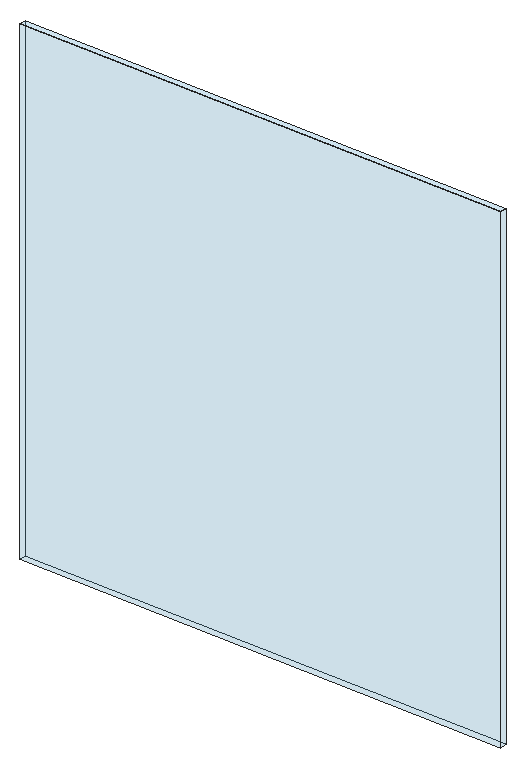
Revit family
Parameters (values of type "72" x 72"")
  Sealant = 0' - 0 3/8"
  SBI [instance] = yes
  Pocket Depth [instance] = 0' - 0 1/2"
  Head Height = Sill Height + Rough Height - Sealant  # 8' - 11 5/8"
  Depth [instance] = 0' - 4 1/2"
  Sill Height = 3' - 0"
  Rough Width = 6' - 0"
  Rough Height = 6' - 0"
  Model = "AFG451"
  Material = ""
  Manufacturer = "Arcadia"
  Sightline = 0' - 2 3/8"
  Height = Rough Height - Sealant  # 5' - 11 5/8"
  Wall Closure = (empty or 0)
  Width = Rough Width - Sealant  # 5' - 11 5/8"
  Glass Thickness [instance] = 0' - 1 1/16"
  Offset to Inside Face of Glass [instance] = 0' - 3 1/32"
  Construction Type = "Aluminum"
  Center of Rough Opening [instance] = Rough Width / 2  # 3' - 0"
  Center of Glass [instance] = Glass Thickness / 2  # 0' - 0 17/32"
  Center Wall to Outside Face [instance] = 0' - 2 7/8"
  CSO [instance] = yes
  CSI [instance] = yes
  Assembly Code = ""
Reference planes (in)
  plane 1 "Center (Front/Back)": y = 0
  plane 2: z = 0
  plane 3 "Center (Left/Right)": x = 12
  plane 4 "Rough Opening Bottom": z = 36
  plane 5 "Rough Opening Top": z = 108
  plane 6 "Exterior Face": y = 3.25
  plane 7 "Frame Top": z = 105.625
  plane 8 "Frame Bottom": z = 38.375
  plane 9 "Rough Opening Left": x = -24
  plane 10 "Rough Opening Right": x = 48
  plane 11 "Frame Left": x = -21.625
  plane 12 "Frame Right": x = 45.625
  plane 13 "Exterior Glass Edge": y = 2.01769
  plane 14 "Interior Glass Edge": y = 0.95519
  plane 15 "Glass Centerline": y = 1.48644
  plane 16 "Frame Outside": y = 2.42394
  plane 17 "Frame Inside": y = -2.07606
  plane 18: z = 106.125
  plane 19: z = 37.875
  plane 20: x = 46.125
  plane 21: x = -22.125
  plane 22: x = 47.625
  plane 23: x = -23.625
  plane 24: z = 36.375
  plane 25: z = 107.625
Forms (in)
  Extrusion 1, solid, material "Anodize Arcadia AC2 Clear #11", detail levels coarse
    sketch origin (0, 0, 36) x (0, -1, 0) y (1, 0, 0)
      loop
        line (-2.42394, -24) -> (2.07606, -24) -> (2.07606, -21.625) -> (-0.95519, -21.625) -> (-0.95519, -22.125) -> (-2.01769, -22.125) -> (-2.01769, -21.625) -> (-2.42394, -21.625) -> (-2.42394, -24)
    from 0 to 72 <- "Rough Height"
  Extrusion 2, solid, material "Anodize Arcadia AC2 Clear #11", detail levels coarse
    sketch origin (0, 0, 36) x (0, -1, 0) y (1, 0, 0)
      loop
        line (-2.42394, 45.625) -> (-2.01769, 45.625) -> (-2.01769, 46.125) -> (-0.95519, 46.125) -> (-0.95519, 45.625) -> (2.07606, 45.625) -> (2.07606, 48) -> (-2.42394, 48) -> (-2.42394, 45.625)
    from 0 to 72 <- "Rough Height"
  Extrusion 3, solid, material "Glass"
    sketch origin (-0.5, 0, 36) x (0, -1, 0) y (1, 0, 0)
      loop
        line (-2.01769, -21.625) -> (-0.95519, -21.625) -> (-0.95519, 46.625) -> (-2.01769, 46.625) -> (-2.01769, -21.625)
    from 1.875 to 70.125
  Extrusion 4, solid, material "Anodize Arcadia AC2 Clear #11", detail levels coarse
    sketch origin (-24, 0, 0) x (0, 1, 0) y (0, 0, 1)
      loop
        line (-2.07606, 108) -> (-2.07606, 105.625) -> (0.95519, 105.625) -> (0.95519, 106.125) -> (2.01769, 106.125) -> (2.01769, 105.625) -> (2.42394, 105.625) -> (2.42394, 108) -> (-2.07606, 108)
    from 0 to 72 <- "Rough Width"
  Extrusion 5, solid, material "Anodize Arcadia AC2 Clear #11", detail levels coarse
    sketch origin (-24, 0, 0) x (0, 1, 0) y (0, 0, 1)
      loop
        line (2.42394, 38.375) -> (2.01769, 38.375) -> (2.01769, 37.875) -> (0.95519, 37.875) -> (0.95519, 38.375) -> (-2.07606, 38.375) -> (-2.07606, 36) -> (2.42394, 36) -> (2.42394, 38.375)
    from 0 to 72 <- "Rough Width"
  Extrusion 6, void
    sketch origin (0, 0, 36) x (0, -1, 0) y (1, 0, 0)
      loop
        line (-3.25, -24) -> (4.75, -24) -> (4.75, 48) -> (-3.25, 48) -> (-3.25, -24)
    from 0 to 72 <- "Rough Height"
Lines and regions (in)
  symbolic lines, detail levels coarse
    curve 1: line (-24, 2.42394, 0) -> (-21.625, 2.42394, 0)
    curve 2: line (-21.625, 2.42394, 0) -> (-21.625, 2.01769, 0)
    curve 3: line (46.125, 2.01769, 0) -> (-22.125, 2.01769, 0)
    curve 4: line (-22.125, 2.01769, 0) -> (-22.125, 0.95519, 0)
    curve 5: line (-22.125, 0.95519, 0) -> (46.125, 0.95519, 0)
    curve 6: line (-21.625, 0.95519, 0) -> (-21.625, -2.07606, 0)
    curve 7: line (-21.625, -2.07606, 0) -> (-24, -2.07606, 0)
    curve 8: line (-24, -2.07606, 0) -> (-24, 2.42394, 0)
    curve 9: line (48, 2.42394, 0) -> (45.625, 2.42394, 0)
    curve 10: line (45.625, 2.42394, 0) -> (45.625, 2.01769, 0)
    curve 11: line (46.125, 2.01769, 0) -> (46.125, 0.95519, 0)
    curve 12: line (45.625, 0.95519, 0) -> (45.625, -2.07606, 0)
    curve 13: line (45.625, -2.07606, 0) -> (48, -2.07606, 0)
    curve 14: line (48, -2.07606, 0) -> (48, 2.42394, 0)
Text (in)
  text "EXTERIOR" at (-58.6888, 50.90694, 0), in view "Ref. Level"
  text "INTERIOR" at (-58.6888, -37.76638, 0), in view "Ref. Level"
  text "Exterior" at (0, 43.65631, 123.19604), in view "Left"
  text "Exterior" at (0, 18.29385, 125.04747), in view "Right"
Dimensions and locks (in)
  "Rough Height": plane 4 "Rough Opening Bottom" to plane 5 "Rough Opening Top"
  "Sill Height": plane 2 to plane 4 "Rough Opening Bottom"
  "Sightline": plane 7 "Frame Top" to plane 5 "Rough Opening Top"
  "Sightline": plane 4 "Rough Opening Bottom" to plane 8 "Frame Bottom"
  "Rough Width": plane 9 "Rough Opening Left" to plane 10 "Rough Opening Right"
  "Sightline": plane 9 "Rough Opening Left" to plane 11 "Frame Left"
  "Sightline": plane 12 "Frame Right" to plane 10 "Rough Opening Right"
  "Depth": plane 17 "Frame Inside" to plane 16 "Frame Outside"
  "Glass Thickness": plane 13 "Exterior Glass Edge" to plane 14 "Interior Glass Edge"
  "Center of Glass": plane 15 "Glass Centerline" to plane 14 "Interior Glass Edge"
  "Center of Rough Opening": plane 9 "Rough Opening Left" to plane 3 "Center (Left/Right)"
  "Offset to Inside Face of Glass": plane 17 "Frame Inside" to plane 14 "Interior Glass Edge"
  "Pocket Depth": plane 12 "Frame Right" to plane 20
  "Pocket Depth": plane 21 to plane 11 "Frame Left"
  "Pocket Depth": plane 7 "Frame Top" to plane 18
  "Pocket Depth": plane 19 to plane 8 "Frame Bottom"
  "Sealant": plane 9 "Rough Opening Left" to plane 23
  "Sealant": plane 22 to plane 10 "Rough Opening Right"
  "Sealant": plane 4 "Rough Opening Bottom" to plane 24
  "Sealant": plane 25 to plane 5 "Rough Opening Top"
  aligned and locked: plane 6 "Exterior Face" to host wall
  aligned and locked: Extrusion 1 sketch curve to plane 17 "Frame Inside"
  aligned and locked: plane 16 "Frame Outside" to Extrusion 1 sketch curve
  aligned and locked: Extrusion 1 sketch curve to plane 11 "Frame Left"
  aligned and locked: plane 9 "Rough Opening Left" to Extrusion 1 sketch curve
  aligned and locked: plane 12 "Frame Right" to Extrusion 2 sketch curve
  aligned and locked: Extrusion 2 sketch curve to plane 10 "Rough Opening Right"
  aligned and locked: Extrusion 2 sketch curve to plane 17 "Frame Inside"
  aligned and locked: plane 16 "Frame Outside" to Extrusion 2 sketch curve
  aligned and locked: Extrusion 3 sketch curve to plane 13 "Exterior Glass Edge"
  aligned and locked: plane 14 "Interior Glass Edge" to Extrusion 3 sketch curve
  aligned and locked: plane 5 "Rough Opening Top" to Extrusion 4 sketch curve
  aligned and locked: Extrusion 4 sketch curve to plane 7 "Frame Top"
  aligned and locked: Extrusion 4 sketch curve to plane 17 "Frame Inside"
  aligned and locked: plane 16 "Frame Outside" to Extrusion 4 sketch curve
  aligned and locked: Extrusion 5 sketch curve to plane 4 "Rough Opening Bottom"
  aligned and locked: plane 8 "Frame Bottom" to Extrusion 5 sketch curve
  aligned and locked: Extrusion 5 sketch curve to plane 17 "Frame Inside"
  aligned and locked: plane 16 "Frame Outside" to Extrusion 5 sketch curve
  aligned and locked: plane 4 "Rough Opening Bottom" to nested 3
  aligned and locked: nested 2 to plane 5 "Rough Opening Top"
  aligned and locked: plane 19 to Extrusion 3
  aligned and locked: Extrusion 3 to plane 18
  aligned and locked: plane 17 "Frame Inside" to nested 3
  aligned and locked: plane 17 "Frame Inside" to nested 2
  aligned and locked: nested 1 to plane 16 "Frame Outside"
  aligned and locked: plane 10 "Rough Opening Right" to nested 1
  aligned and locked: nested 4 to plane 9 "Rough Opening Left"
  aligned and locked: plane 17 "Frame Inside" to nested 4
  aligned and locked: plane 13 "Exterior Glass Edge" to Extrusion 5 sketch curve
  aligned and locked: Extrusion 5 sketch curve to plane 14 "Interior Glass Edge"
  aligned and locked: plane 19 to Extrusion 5 sketch curve
  aligned and locked: Extrusion 4 sketch curve to plane 13 "Exterior Glass Edge"
  aligned and locked: plane 18 to Extrusion 4 sketch curve
  aligned and locked: plane 14 "Interior Glass Edge" to Extrusion 4 sketch curve
  aligned and locked: plane 14 "Interior Glass Edge" to Extrusion 2 sketch curve
  aligned and locked: Extrusion 2 sketch curve to plane 20
  aligned and locked: Extrusion 2 sketch curve to plane 13 "Exterior Glass Edge"
  aligned and locked: Extrusion 1 sketch curve to plane 14 "Interior Glass Edge"
  aligned and locked: Extrusion 1 sketch curve to plane 21
  aligned and locked: plane 13 "Exterior Glass Edge" to Extrusion 1 sketch curve
  aligned and locked: plane 16 "Frame Outside" to curve 1
  aligned and locked: plane 9 "Rough Opening Left" to curve 8
  aligned and locked: curve 2 to plane 11 "Frame Left"
  aligned and locked: curve 6 to plane 11 "Frame Left"
  aligned and locked: curve 4 to plane 21
  aligned and locked: curve 7 to plane 17 "Frame Inside"
  aligned and locked: curve 5 to plane 14 "Interior Glass Edge"
  aligned and locked: plane 13 "Exterior Glass Edge" to curve 3
  aligned and locked: curve 10 to plane 12 "Frame Right"
  aligned and locked: curve 12 to plane 12 "Frame Right"
  aligned and locked: curve 11 to plane 20
  aligned and locked: plane 10 "Rough Opening Right" to curve 14
  aligned and locked: curve 9 to plane 16 "Frame Outside"
  aligned and locked: plane 17 "Frame Inside" to curve 13
  aligned and locked: level to plane 2
  aligned and locked: plane 9 "Rough Opening Left" to Extrusion 6 sketch curve
  aligned and locked: plane 6 "Exterior Face" to Extrusion 6 sketch curve
  aligned and locked: host wall to Extrusion 6 sketch curve
  aligned and locked: plane 10 "Rough Opening Right" to Extrusion 6 sketch curve
  aligned and locked: plane 9 "Rough Opening Left" to import instance
  aligned and locked: import instance to plane 16 "Frame Outside"
  aligned and locked: plane 16 "Frame Outside" to import instance
  aligned and locked: plane 10 "Rough Opening Right" to import instance
  aligned and locked: plane 5 "Rough Opening Top" to import instance
  aligned and locked: plane 17 "Frame Inside" to import instance
  aligned and locked: import instance to plane 13 "Exterior Glass Edge"
  aligned and locked: import instance to plane 4 "Rough Opening Bottom"
Automatic sketch dimensions
  Extrusion 3 sketch curve to plane 21 = 0' - 0"
  Extrusion 3 sketch curve to plane 20 = 0' - 0"
  Extrusion 5 sketch curve to plane 8 "Frame Bottom" = 0' - 0"
  Extrusion 4 sketch curve to plane 7 "Frame Top" = 0' - 0"
  Extrusion 2 sketch curve to plane 12 "Frame Right" = 0' - 0"
  Extrusion 1 sketch curve to plane 11 "Frame Left" = 0' - 0"
Nested families (in)
  nested 1: "Window-Arcadia-IPAFG451-Med-Jamb-R" at (46.9375, 1.48644, 0) x (-1, 0, 0) z (0, 0, 1), type "Window-Arcadia-IPAFG451-Med-Jamb-R", detail levels medium
    with Sightline 0' - 2 3/8", Pocket Depth 0' - 0 1/2", Offset to Inside Face of Glass 0' - 3 1/32", Glass Width 0' - 1 1/16", Frame Wall Thickness 0' - 0 3/32", Depth 0' - 4 1/2", Center of Glass 0' - 0 17/32"
  nested 2: "Window-Arcadia-IPAFG451-Med-Head" at (33.875, 1.48644, 108) x (0, -1, 0) z (1, 0, 0), type "Window-Arcadia-IPAFG451-Med-Head", detail levels medium
    with Sightline 0' - 2 3/8", Pocket Depth 0' - 0 1/2", Offset to Inside Face of Glass 0' - 3 1/32", Glass Width 0' - 1 1/16", Frame Wall Thickness 0' - 0 3/32", Depth 0' - 4 1/2", Center of Glass 0' - 0 17/32"
  nested 3: "Window-Arcadia-IPAFG451-Med-Sill" at (33.875, 1.48644, 36) x (0, -1, 0) z (1, 0, 0), type "Window-Arcadia-IPAFG451-Med-Sill", detail levels medium
    with Sightline 0' - 2 3/8", Pocket Depth 0' - 0 1/2", Offset to Inside Face of Glass 0' - 3 1/32", Glass Width 0' - 1 1/16", Frame Wall Thickness 0' - 0 3/32", Depth 0' - 4 1/2", Center of Glass 0' - 0 17/32"
  nested 4: "Window-Arcadia-IPAFG451-Med-Jamb-L" at (-22.9375, 1.48644, 0) x (-1, 0, 0) z (0, 0, 1), type "Window-Arcadia-IPAFG451-Med-Jamb-L", detail levels medium
    with Sightline 0' - 2 3/8", Pocket Depth 0' - 0 1/2", Offset to Inside Face of Glass 0' - 3 1/32", Glass Width 0' - 1 1/16", Frame Wall Thickness 0' - 0 3/32", Depth 0' - 4 1/2", Center of Glass 0' - 0 17/32"
Definition of nested family "Window-Arcadia-IPAFG451-Med-Jamb-R"
  Parameters (values of type "Window-Arcadia-TC670-Med-Jamb-R")
    Depth [instance] = 0' - 6"
    Pocket Depth [instance] = 0' - 0 3/4"
    Offset to Inside Face of Glass [instance] = 0' - 4"
    Glass Width [instance] = 0' - 1"
    Sightline [instance] = 0' - 2 5/8"
    Center of Glass [instance] = Glass Width / 2  # 0' - 0 1/2"
    Frame Wall Thickness [instance] = 0' - 0 3/32"
    Assembly Code = ""
  Reference planes (in)
    plane 1 "Center (Front/Back)": y = 0
    plane 2: z = 0
    plane 3: x = 1.5625
    plane 4 "back": x = -1.0625
    plane 5: y = 4.5
    plane 6: y = -1.5
    plane 7 "Inside Face of Glass": y = 0.5
    plane 8: y = -0.5
    plane 9: x = 0.8125
  Lines and regions (in)
    detail lines, in view "Ref. Level", detail levels medium
      curve 1: line (-1.0625, 4.5, 0) -> (-1.0625, -1.5, 0)
      curve 2: line (-1.0625, -1.5, 0) -> (1.5625, -1.5, 0)
      curve 3: line (1.5625, -1.5, 0) -> (1.5625, -0.5, 0)
      curve 4: line (1.5625, -0.5, 0) -> (0.8125, -0.5, 0)
      curve 5: line (0.8125, -0.5, 0) -> (0.8125, 0.5, 0)
      curve 6: line (0.8125, 0.5, 0) -> (1.5625, 0.5, 0)
      curve 7: line (1.5625, 0.5, 0) -> (1.5625, 4.5, 0)
      curve 8: line (1.5625, 4.5, 0) -> (-1.0625, 4.5, 0)
      curve 9: line (1.46875, 4.40625, 0) -> (-0.96875, 4.40625, 0)
      curve 10: line (-0.96875, 4.40625, 0) -> (-0.96875, -1.40625, 0)
      curve 11: line (-0.96875, -1.40625, 0) -> (1.46875, -1.40625, 0)
      curve 12: line (1.46875, -1.40625, 0) -> (1.46875, -0.59375, 0)
      curve 13: line (1.46875, -0.59375, 0) -> (0.71875, -0.59375, 0)
      curve 14: line (0.71875, -0.59375, 0) -> (0.71875, 0.59375, 0)
      curve 15: line (0.71875, 0.59375, 0) -> (1.46875, 0.59375, 0)
      curve 16: line (1.46875, 0.59375, 0) -> (1.46875, 4.40625, 0)
      curve 17: line (1.5625, 4.5, 0) -> (-1.0625, 4.5, 0)
      curve 18: line (-1.0625, 4.40625, 0) -> (-1.0625, -1.5, 0)
  Dimensions and locks (in)
    "Sightline": plane 4 "back" to plane 3
    "Depth": plane 5 to plane 6
    "Center of Glass": plane 1 "Center (Front/Back)" to plane 7 "Inside Face of Glass"
    "Glass Width": plane 8 to plane 7 "Inside Face of Glass"
    "Pocket Depth": plane 9 to plane 3
    "Offset to Inside Face of Glass": plane 5 to plane 7 "Inside Face of Glass"
    "Frame Wall Thickness": plane 5 to curve 9
    "Frame Wall Thickness": plane 4 "back" to curve 10
    "Frame Wall Thickness": curve 11 to plane 6
    "Frame Wall Thickness": curve 12 to plane 3
    "Frame Wall Thickness": curve 13 to plane 8
    "Frame Wall Thickness": plane 7 "Inside Face of Glass" to curve 15
    "Frame Wall Thickness": curve 14 to plane 9
    "Frame Wall Thickness": curve 16 to plane 3
    aligned and locked: plane 5 to curve 8
    aligned and locked: curve 1 to plane 4 "back"
    aligned and locked: curve 2 to plane 6
    aligned and locked: plane 3 to curve 3
    aligned and locked: curve 4 to plane 8
    aligned and locked: plane 9 to curve 5
    aligned and locked: plane 7 "Inside Face of Glass" to curve 6
    aligned and locked: plane 3 to curve 7
  Automatic sketch dimensions
    curve 18 to curve 9 = 0' - 0"
Definition of nested family "Window-Arcadia-IPAFG451-Med-Head"
  Parameters (values of type "Window-Arcadia-A400-Med-Head")
    Depth [instance] = 0' - 6"
    Pocket Depth [instance] = 0' - 0 1/2"
    Offset to Inside Face of Glass [instance] = 0' - 4"
    Glass Width [instance] = 0' - 1"
    Sightline [instance] = 0' - 2 5/8"
    Center of Glass [instance] = Glass Width / 2  # 0' - 0 1/2"
    Frame Wall Thickness [instance] = 0' - 0 3/32"
    Assembly Code = ""
  Reference planes (in)
    plane 1 "Center (Front/Back)": y = 0
    plane 2: z = 0
    plane 3 "Center (Left/Right)": x = 0
    plane 4: x = -0.5
    plane 5 "Inside Face of Glass": x = 0.5
    plane 6: y = -2.625
    plane 7: x = 4.5
    plane 8: x = -1.5
    plane 9: y = -2.125
  Lines and regions (in)
    detail lines, in view "Ref. Level", detail levels medium
      curve 1: line (-1.5, 0, 0) -> (-1.5, -2.625, 0)
      curve 2: line (-1.5, -2.625, 0) -> (-0.5, -2.625, 0)
      curve 3: line (-0.5, -2.625, 0) -> (-0.5, -2.125, 0)
      curve 4: line (-0.5, -2.125, 0) -> (0.5, -2.125, 0)
      curve 5: line (0.5, -2.125, 0) -> (0.5, -2.625, 0)
      curve 6: line (0.5, -2.625, 0) -> (4.5, -2.625, 0)
      curve 7: line (4.5, -2.625, 0) -> (4.5, 0, 0)
      curve 8: line (4.5, 0, 0) -> (-1.5, 0, 0)
      curve 9: line (-1.40625, -0.09375, 0) -> (-1.40625, -2.53125, 0)
      curve 10: line (4.40625, -0.09375, 0) -> (-1.40625, -0.09375, 0)
      curve 11: line (4.40625, -2.53125, 0) -> (4.40625, -0.09375, 0)
      curve 12: line (0.59375, -2.53125, 0) -> (4.40625, -2.53125, 0)
      curve 13: line (-1.40625, -2.53125, 0) -> (-0.59375, -2.53125, 0)
      curve 14: line (-0.59375, -2.53125, 0) -> (-0.59375, -2.03125, 0)
      curve 15: line (-0.59375, -2.03125, 0) -> (0.59375, -2.03125, 0)
      curve 16: line (0.59375, -2.03125, 0) -> (0.59375, -2.53125, 0)
  Dimensions and locks (in)
    "Sightline": plane 6 to plane 1 "Center (Front/Back)"
    "Depth": plane 8 to plane 7
    "Pocket Depth": plane 6 to plane 9
    "Offset to Inside Face of Glass": plane 5 "Inside Face of Glass" to plane 7
    "Glass Width": plane 4 to plane 5 "Inside Face of Glass"
    "Center of Glass": plane 3 "Center (Left/Right)" to plane 5 "Inside Face of Glass"
    "Frame Wall Thickness": plane 8 to curve 9
    "Frame Wall Thickness": curve 10 to plane 1 "Center (Front/Back)"
    "Frame Wall Thickness": curve 11 to plane 7
    "Frame Wall Thickness": plane 6 to curve 12
    "Frame Wall Thickness": plane 6 to curve 13
    "Frame Wall Thickness": plane 9 to curve 15
    "Frame Wall Thickness": plane 5 "Inside Face of Glass" to curve 16
    "Frame Wall Thickness": curve 14 to plane 4
    aligned and locked: curve 8 to plane 1 "Center (Front/Back)"
    aligned and locked: plane 7 to curve 7
    aligned and locked: curve 1 to plane 8
    aligned and locked: plane 9 to curve 4
    aligned and locked: plane 4 to curve 3
    aligned and locked: plane 6 to curve 2
    aligned and locked: plane 6 to curve 6
  Automatic sketch dimensions
    curve 5 to plane 5 "Inside Face of Glass" = 0' - 0"
Definition of nested family "Window-Arcadia-IPAFG451-Med-Sill"
  Parameters (values of type "Window-Arcadia-A400-Med-Sill")
    Depth [instance] = 0' - 6"
    Pocket Depth [instance] = 0' - 0 1/2"
    Offset to Inside Face of Glass [instance] = 0' - 4"
    Glass Width [instance] = 0' - 1"
    Sightline [instance] = 0' - 2 5/8"
    Center of Glass [instance] = Glass Width / 2  # 0' - 0 1/2"
    Frame Wall Thickness [instance] = 0' - 0 3/32"
    Assembly Code = ""
  Reference planes (in)
    plane 1 "Center (Front/Back)": y = 0
    plane 2: z = 0
    plane 3 "Center (Left/Right)": x = 0
    plane 4: x = -0.5
    plane 5 "Inside Face of Glass": x = 0.5
    plane 6: y = 2.625
    plane 7: x = 4.5
    plane 8: x = -1.5
    plane 9: y = 2.125
  Lines and regions (in)
    detail lines, in view "Ref. Level", detail levels medium
      curve 1: line (-1.5, 2.625, 0) -> (-1.5, 0, 0)
      curve 2: line (-1.5, 0, 0) -> (4.5, 0, 0)
      curve 3: line (4.5, 0, 0) -> (4.5, 2.625, 0)
      curve 4: line (4.5, 2.625, 0) -> (0.5, 2.625, 0)
      curve 5: line (0.5, 2.625, 0) -> (0.5, 2.125, 0)
      curve 6: line (0.5, 2.125, 0) -> (-0.5, 2.125, 0)
      curve 7: line (-0.5, 2.125, 0) -> (-0.5, 2.625, 0)
      curve 8: line (-0.5, 2.625, 0) -> (-1.5, 2.625, 0)
      curve 9: line (-0.59375, 2.53125, 0) -> (-1.40625, 2.53125, 0)
      curve 10: line (-1.40625, 2.53125, 0) -> (-1.40625, 0.09375, 0)
      curve 11: line (-1.40625, 0.09375, 0) -> (4.40625, 0.09375, 0)
      curve 12: line (4.40625, 0.09375, 0) -> (4.40625, 2.53125, 0)
      curve 13: line (4.40625, 2.53125, 0) -> (0.59375, 2.53125, 0)
      curve 14: line (0.59375, 2.53125, 0) -> (0.59375, 2.03125, 0)
      curve 15: line (0.59375, 2.03125, 0) -> (-0.59375, 2.03125, 0)
      curve 16: line (-0.59375, 2.03125, 0) -> (-0.59375, 2.53125, 0)
  Dimensions and locks (in)
    "Pocket Depth": plane 9 to plane 6
    "Sightline": plane 1 "Center (Front/Back)" to plane 6
    "Depth": plane 8 to plane 7
    "Offset to Inside Face of Glass": plane 5 "Inside Face of Glass" to plane 7
    "Glass Width": plane 4 to plane 5 "Inside Face of Glass"
    "Center of Glass": plane 3 "Center (Left/Right)" to plane 5 "Inside Face of Glass"
    "Frame Wall Thickness": curve 9 to plane 6
    "Frame Wall Thickness": plane 8 to curve 10
    "Frame Wall Thickness": plane 1 "Center (Front/Back)" to curve 11
    "Frame Wall Thickness": curve 12 to plane 7
    "Frame Wall Thickness": curve 13 to plane 6
    "Frame Wall Thickness": plane 5 "Inside Face of Glass" to curve 14
    "Frame Wall Thickness": curve 15 to plane 9
    "Frame Wall Thickness": curve 16 to plane 4
    aligned and locked: plane 1 "Center (Front/Back)" to curve 2
    aligned and locked: plane 7 to curve 3
    aligned and locked: curve 1 to plane 8
    aligned and locked: curve 8 to plane 6
    aligned and locked: curve 4 to plane 6
    aligned and locked: curve 6 to plane 9
    aligned and locked: curve 5 to plane 5 "Inside Face of Glass"
    aligned and locked: plane 4 to curve 7
  Automatic sketch dimensions
    curve 7 to plane 9 = 0' - 0"
Definition of nested family "Window-Arcadia-IPAFG451-Med-Jamb-L"
  Parameters (values of type "Window-Arcadia-TC670-Med-Jamb-L")
    Depth [instance] = 0' - 6"
    Pocket Depth [instance] = 0' - 0 1/2"
    Offset to Inside Face of Glass [instance] = 0' - 4"
    Glass Width [instance] = 0' - 1"
    Sightline [instance] = 0' - 2 1/8"
    Center of Glass [instance] = Glass Width / 2  # 0' - 0 1/2"
    Frame Wall Thickness [instance] = 0' - 0 3/32"
    Assembly Code = ""
  Reference planes (in)
    plane 1 "Center (Front/Back)": y = 0
    plane 2: z = 0
    plane 3 "BACK": x = 1.0625
    plane 4 "FRONT": x = -1.0625
    plane 5: y = 1.5
    plane 6: y = -4.5
    plane 7 "Inside Face of Glass": y = 0.5
    plane 8: y = -0.5
    plane 9: x = -0.5625
  Lines and regions (in)
    detail lines, in view "Ref. Level", detail levels medium
      curve 1: line (1.0625, 1.5, 0) -> (1.0625, -4.5, 0)
      curve 2: line (1.0625, -4.5, 0) -> (-1.0625, -4.5, 0)
      curve 3: line (-1.0625, -4.5, 0) -> (-1.0625, -0.5, 0)
      curve 4: line (-1.0625, -0.5, 0) -> (-0.5625, -0.5, 0)
      curve 5: line (-0.5625, -0.5, 0) -> (-0.5625, 0.5, 0)
      curve 6: line (-0.5625, 0.5, 0) -> (-1.0625, 0.5, 0)
      curve 7: line (-1.0625, 0.5, 0) -> (-1.0625, 1.5, 0)
      curve 8: line (-1.0625, 1.5, 0) -> (1.0625, 1.5, 0)
      curve 9: line (-0.96875, 1.40625, 0) -> (0.96875, 1.40625, 0)
      curve 10: line (-0.96875, 0.59375, 0) -> (-0.96875, 1.40625, 0)
      curve 11: line (-0.46875, 0.59375, 0) -> (-0.96875, 0.59375, 0)
      curve 12: line (-0.46875, -0.59375, 0) -> (-0.46875, 0.59375, 0)
      curve 13: line (-0.96875, -0.59375, 0) -> (-0.46875, -0.59375, 0)
      curve 14: line (-0.96875, -4.40625, 0) -> (-0.96875, -0.59375, 0)
      curve 15: line (0.96875, -4.40625, 0) -> (-0.96875, -4.40625, 0)
      curve 16: line (0.96875, 1.40625, 0) -> (0.96875, -4.40625, 0)
  Dimensions and locks (in)
    "Depth": plane 5 to plane 6
    "Pocket Depth": plane 4 "FRONT" to plane 9
    "Sightline": plane 4 "FRONT" to plane 3 "BACK"
    "Glass Width": plane 8 to plane 7 "Inside Face of Glass"
    "Center of Glass": plane 1 "Center (Front/Back)" to plane 7 "Inside Face of Glass"
    "Frame Wall Thickness": plane 4 "FRONT" to curve 10
    "Frame Wall Thickness": plane 5 to curve 9
    "Frame Wall Thickness": curve 15 to plane 6
    "Frame Wall Thickness": curve 13 to plane 8
    "Frame Wall Thickness": plane 9 to curve 12
    "Frame Wall Thickness": plane 7 "Inside Face of Glass" to curve 11
    "Frame Wall Thickness": plane 4 "FRONT" to curve 14
    "Offset to Inside Face of Glass": plane 6 to plane 8
    aligned and locked: curve 8 to plane 5
    aligned and locked: curve 1 to plane 3 "BACK"
    aligned and locked: plane 6 to curve 2
    aligned and locked: curve 3 to plane 4 "FRONT"
    aligned and locked: plane 8 to curve 4
    aligned and locked: plane 9 to curve 5
    aligned and locked: curve 6 to plane 7 "Inside Face of Glass"
    aligned and locked: plane 4 "FRONT" to curve 7
  Automatic sketch dimensions
    curve 16 to plane 3 "BACK" = 0' - 0 3/32"
